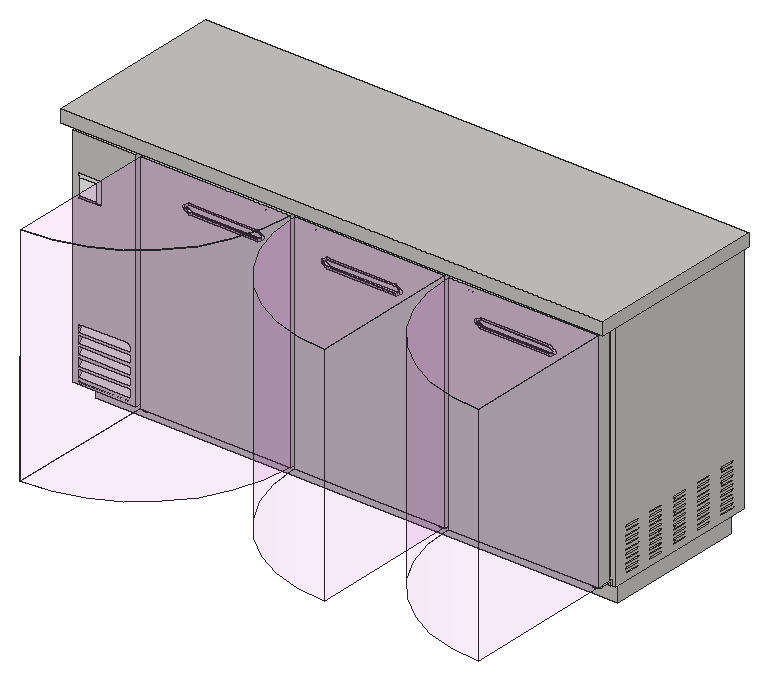
Revit family "QF_Kelvinator_738307_KCHBB72SS", category Specialty Equipment, Revit 2021 (continued)
Definition of nested family "KCHBB48S"
  Definition of nested family "Family1"
    Forms (in)
      Extrusion 17, solid
        sketch origin (1, 0.35049, -1.06969) x (0, 0, 1) y (-1, 0, 0)
          loop
            circle (0.77738, -0.54332) r 0.25
        from 0 to 0.125
      Extrusion 18, solid
        sketch origin (2, 0.35049, -1.06969) x (0, 0, 1) y (-1, 0, 0)
          loop
            circle (0.77738, 1.45668) r 0.25
        from 0 to 0.125
      Extrusion 19, solid, visible <- "Show Clearance"
        sketch origin (0, 0, 0) x (1, 0, 0) y (0, 1, 0)
          loop
            line (0, -1.75) -> (0, -21.95)
            arc (0, -21.95) -> (14.28356, -16.03356) -> (20.2, -1.75) r 20.2
            line (20.2, -1.75) -> (0, -1.75)
        from 0 to 30.4
    Cuts and joins
      Extrusion 2, Extrusion 4 cuts Extrusion 1
      joined: Extrusion 7, Extrusion 8, Extrusion 9, Extrusion 10, Extrusion 11, Extrusion 12
      joined: Extrusion 13, Extrusion 14, Extrusion 15, Extrusion 16, Extrusion 17, Extrusion 18
    Lines and regions (in)
      Split face 1
        outline origin (0, -1.75, 30.4) x (-1, 0, 0) y (0, 0, -1)
          loop
            arc (-16.6075, 0.1875) -> (-16.295, 0.5) -> (-16.6075, 0.8125) r 0.3125
            line (-16.6075, 0.8125) -> (-17.70125, 0.8125)
            arc (-17.70125, 0.8125) -> (-18.01375, 0.5) -> (-17.70125, 0.1875) r 0.3125
            line (-17.70125, 0.1875) -> (-16.6075, 0.1875)
      Split face 2
        outline origin (0, -1.75, 30.4) x (-1, 0, 0) y (0, 0, -1)
          loop
            circle (-17.15437, 0.5) r 0.2773
      symbolic lines, visible <- "Show Clearance"
        curve 1: line (1.02191, -2.34, 0) -> (17.49371, -11.85, 0)
        curve 2: arc (17.49371, -11.85, 0) -> (19.43326, -7.26257, 0) -> (20.19138, -2.34, 0) r 20.2
    Dimensions and locks (in)
      equal spacing: plane 3 "LEFT", plane 7 "Center Y", plane 4 "RIGHT"
      "Length": plane 3 "LEFT" to plane 4 "RIGHT"
      equal spacing: plane 5 "FRONT", plane 8 "Center X", plane 1 "BACK"
      "Depth": plane 5 "FRONT" to plane 1 "BACK"
      "Height": plane 6 "TOP" to level
      aligned and locked: level to plane 2
    Automatic sketch dimensions
      Extrusion 1 sketch curve to level = 0"
      Extrusion 1 sketch curve to plane 3 "LEFT" = 0"
      plane 4 "RIGHT" to Extrusion 1 sketch curve = 0"
      Extrusion 1 sketch curve to plane 6 "TOP" = 0"
      Extrusion 2 sketch curve to plane 6 "TOP" = 4.42179"
      Extrusion 2 sketch curve to Extrusion 2 sketch curve = 0.3367"
      Extrusion 2 sketch curve to Extrusion 2 sketch curve = 0.33813"  (x2)
      Extrusion 2 sketch curve to Extrusion 2 sketch curve = 0.09937"  (x2)
      Extrusion 2 sketch curve to Extrusion 2 sketch curve = 0.1008"  (x2)
      plane 12 to Extrusion 2 sketch curve = 5.7715"
      Extrusion 2 sketch curve to Extrusion 2 sketch curve = 0.06211"
      Extrusion 2 sketch curve to Extrusion 2 sketch curve = 0.541"  (x2)
      plane 7 "Center Y" to Extrusion 2 sketch curve = 5.675"
      Extrusion 2 sketch curve to Extrusion 2 sketch curve = 0"
      Extrusion 2 sketch curve to Extrusion 2 sketch curve = 0.47572"
      Extrusion 2 sketch curve to Extrusion 2 sketch curve = 0.063"
      Sweep 3 sketch curve to plane 6 "TOP" = 3.54679"
      Sweep 3 sketch curve to Sweep 3 sketch curve = 0.3367"
      Sweep 3 sketch curve to Sweep 3 sketch curve = 0.33813"  (x2)
      Sweep 3 sketch curve to Sweep 3 sketch curve = 0.09937"  (x2)
      Sweep 3 sketch curve to Sweep 3 sketch curve = 0.1008"  (x2)
      plane 12 to Sweep 3 sketch curve = 5.7715"
      Sweep 3 sketch curve to Sweep 3 sketch curve = 0.06211"
      Sweep 3 sketch curve to Sweep 3 sketch curve = 0.541"  (x2)
      plane 7 "Center Y" to Sweep 3 sketch curve = 5.675"
      Sweep 3 sketch curve to Sweep 3 sketch curve = 0"
      Sweep 3 sketch curve to Sweep 3 sketch curve = 0.47572"
      Sweep 3 sketch curve to Sweep 3 sketch curve = 0.063"
      profile plane to Sweep 3 sketch curve = 0"
      profile plane to Sweep 3 sketch curve = 1/8"
      profile plane to Sweep 3 sketch curve = 2.67809"
      Sweep 3 sketch curve to Sweep 3 sketch curve = 0.12191"
      Split face 1 sketch curve to cut or joined group of Extrusion 1, Extrusion 2, Extrusion 4 = 3/16"
      cut or joined group of Extrusion 1, Extrusion 2, Extrusion 4 to Split face 1 sketch curve = 0.2873"  (x2)
      Split face 1 sketch curve to cut or joined group of Extrusion 1, Extrusion 2, Extrusion 4 = 1/32"
      Split face 2 sketch curve to cut or joined group of Extrusion 1, Extrusion 2, Extrusion 4 = 1/32"
      Split face 2 sketch curve to cut or joined group of Extrusion 1, Extrusion 2, Extrusion 4 = 0.25958"
      Extrusion 1 to Extrusion 4 sketch curve = 15/32"
      Extrusion 1 to Extrusion 4 sketch curve = 2.78605"
      Extrusion 4 sketch curve to Extrusion 4 sketch curve = 0.51916"
      Extrusion 4 sketch curve to Extrusion 4 sketch curve = 1/16"
      Extrusion 5 sketch curve to plane 1 "BACK" = 0"
      level to Extrusion 5 sketch curve = 0.32425"
      Extrusion 5 sketch curve to plane 6 "TOP" = 0.32575"
      Extrusion 5 sketch curve to Extrusion 5 sketch curve = 1/4"
      Extrusion 6 sketch curve to plane 9 = 0"
      level to Extrusion 6 sketch curve = 0.32425"
      Extrusion 6 sketch curve to plane 6 "TOP" = 0.32575"
      Extrusion 6 sketch curve to Extrusion 6 sketch curve = 1/4"
      Extrusion 7 sketch curve to plane 6 "TOP" = 0"
      Extrusion 7 sketch curve to plane 3 "LEFT" = 0"
      Extrusion 7 sketch curve to plane 10 = 0.12956"
      plane 12 to Extrusion 7 sketch curve = 2 11/16"
      Extrusion 8 sketch curve to plane 9 = 0"
      Extrusion 8 sketch curve to plane 3 "LEFT" = 0"
      plane 12 to Extrusion 8 sketch curve = 0.23886"
      Extrusion 8 sketch curve to plane 8 "Center X" = 1/4"
      Extrusion 9 sketch curve to Extrusion 7 = 0.29232"
      Extrusion 9 sketch curve to Extrusion 7 = 0.45668"
      Extrusion 10 sketch curve to plane 8 "Center X" = 0"
      plane 12 to Extrusion 10 sketch curve = 0.23886"
      Extrusion 11 sketch curve to Extrusion 7 = 0.29232"
      Extrusion 11 sketch curve to Extrusion 7 = 1.45668"
      Extrusion 12 sketch curve to Extrusion 7 = 0.29232"
      Extrusion 12 sketch curve to Extrusion 7 = 0.54332"
      Extrusion 13 sketch curve to level = 0"
      Extrusion 13 sketch curve to plane 3 "LEFT" = 0"
      Extrusion 13 sketch curve to plane 11 = 0.12956"
      plane 12 to Extrusion 13 sketch curve = 2 11/16"
      Extrusion 14 sketch curve to plane 3 "LEFT" = 0"
      Extrusion 14 sketch curve to plane 9 = 0"
      Extrusion 14 sketch curve to plane 8 "Center X" = 1/4"
      Extrusion 14 sketch curve to Extrusion 14 sketch curve = 0.55136"
      Extrusion 15 sketch curve to Extrusion 13 = 0.29232"
      Extrusion 15 sketch curve to Extrusion 13 = 0.45668"
      Extrusion 16 sketch curve to plane 8 "Center X" = 0"
      plane 12 to Extrusion 16 sketch curve = 0.23886"
      Extrusion 17 sketch curve to Extrusion 13 = 0.29232"
      Extrusion 17 sketch curve to Extrusion 13 = 1.45668"
      Extrusion 18 sketch curve to Extrusion 13 = 0.29232"
      Extrusion 18 sketch curve to Extrusion 13 = 0.54332"
      plane 5 "FRONT" to Extrusion 19 sketch curve = 0"
      plane 3 "LEFT" to Extrusion 19 sketch curve = 0"
      Extrusion 19 sketch curve to plane 4 "RIGHT" = 0"
      curve 2 to plane 3 "LEFT" = 0"
      curve 1 to plane 14 = 0"
      curve 2 to plane 14 = 0"
      plane 5 "FRONT" to curve 2 = 0"
      plane 13 to curve 1 = 2.39379"
      curve 1 to plane 14 = 9.51"
      plane 12 to curve 1 = 0.70941"
      radius of Split face 2 sketch curve = 0.2773"
      radius of Extrusion 9 sketch curve = 1/4"
      radius of Extrusion 10 sketch curve = 1/4"
      radius of Extrusion 11 sketch curve = 1/4"
      radius of Extrusion 12 sketch curve = 1/4"
      radius of Extrusion 15 sketch curve = 1/4"
      radius of Extrusion 16 sketch curve = 1/4"
      radius of Extrusion 17 sketch curve = 1/4"
      radius of Extrusion 18 sketch curve = 1/4"
